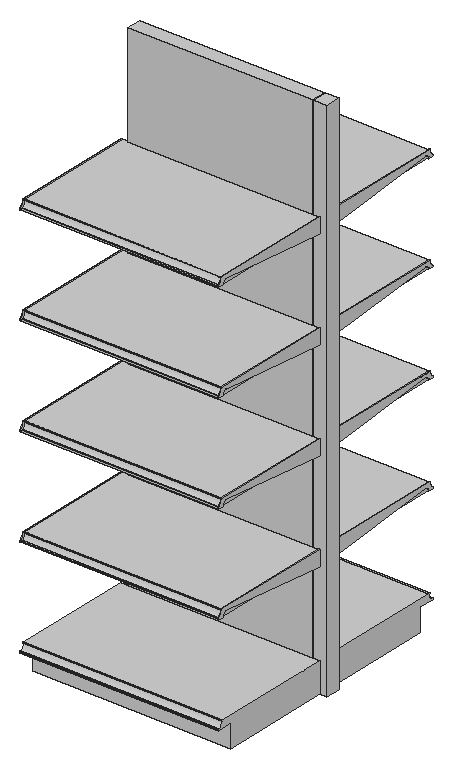
Revit family "TL2", category Specialty Equipment, Revit 2012
Parameters (values of type "Tube Line Add-On (Default)")
  Width = 3' - 0"
  URL = "http://www.madixinc.com/display/tubeline.html#"
  Model = "Tube Line"
  Manufacturer = "© 2012 Madix, Inc. All rights reserved."
  "Front" Base Shelf [instance] = yes
  "Front" Shelf 2' [instance] = yes
  "Front" Shelf 3' - 6" [instance] = yes
  "Front" Shelf 5' [instance] = yes
  "Front" Shelf 6' - 6" [instance] = yes
  "Back" Base Shelf [instance] = yes
  "Back" Shelf 2' [instance] = yes
  "Back" Shelf 3' - 6" [instance] = yes
  "Front" Shelf Depth = 1' - 10"
  "Back" Shelf 5' [instance] = yes
  "Back" Shelf Depth = 1' - 10"
  Upright Height = 8' - 0"
  "Back" Shelf 6' - 6" [instance] = yes
Reference planes (in)
  plane 1 "Center (Front/Back)": y = 0
  plane 2: z = 0
  plane 3 "Center (Left/Right)": x = 0
  plane 4: y = 1.375
  plane 5: y = -1.375
  plane 6: z = 96
  plane 7: z = 0
  plane 8 "1st shelf": z = 23.5
  plane 9 "2nd shelf": z = 41.5
  plane 10 "3rd shelf": z = 59.5
  plane 11 "4th shelf": z = 77.5
  plane 12: y = -24.25
  plane 13: x = -18
  plane 14: x = 18
  plane 15: x = -17.875
  plane 16: x = 17.875
  plane 17: z = 41.5
  plane 18: y = 24.25
  plane 19: y = 23.375
  plane 20: y = -23.375
Forms (in)
  Extrusion 1, solid, material "Metal - Steel"
    sketch origin (-24, 1.375, 0) x (1, 0, 0) y (0, 0, 1)
      loop
        line (42, 0) -> (43.25, 0) -> (43.25, 96) -> (40.75, 96) -> (40.75, 0.03125) -> (40.71924, 0.03125) -> (40.71924, 96) -> (7.25, 96) -> (7.25, 0) -> (42, 0)
    from 0 to 2.75
  Extrusion 2, solid, material "Metal - Steel", visible <- ""Front" Base Shelf"
    sketch origin (0, 0, 0) x (0, 1, 0) y (0, 0, 1)
      loop
        line (-1.375, 0) -> (-1.375, 5.5) -> (-23.375, 5.5) -> (-23.50139, 5.5) -> (-23.50139, 5.375) -> (-23.375, 5.375)
        arc (-23.375, 5.375) -> (-23.63696, 4.73714) -> (-24.125, 4.25) r 1.75
        line (-24.125, 4.25) -> (-24.125, 4.375) -> (-24.25, 4.375) -> (-24.25, 4.25) -> (-24.25, 4.125) -> (-21.375, 4.125) -> (-21.375, 0) -> (-1.375, 0)
    from -18 to 18
  Extrusion 3, solid, material "Metal - Steel", visible <- ""Front" Shelf 2'"
    sketch origin (0, 0, 0) x (0, 1, 0) y (0, 0, 1)
      loop
        line (-1.375, 23.5) -> (-23.5, 23.5) -> (-23.625, 23.5)
        arc (-23.625, 23.5) -> (-23.83033, 22.87796) -> (-24.25, 22.375) r 1.75
        line (-24.25, 22.375) -> (-24.25, 22.125) -> (-23.375, 22.125) -> (-23.375, 22.375) -> (-22.625, 23) -> (-22.375, 23) -> (-22.375, 22.875) -> (-1.375, 20.75) -> (-1.375, 23.5)
      loop
        circle (-20.375, 23) r 0.125
      loop
        circle (-2.5, 23) r 0.125
    from -18 to -17.875
  Extrusion 4, solid, material "Metal - Steel", visible <- ""Front" Shelf 2'"
    sketch origin (0, 0, 0) x (0, 1, 0) y (0, 0, 1)
      loop
        line (-23.5, 23.5) -> (-23.5, 23.375) -> (-23.375, 23.375)
        arc (-23.375, 23.375) -> (-23.58033, 22.75296) -> (-24, 22.25) r 1.75
        line (-24, 22.25) -> (-24, 22.375) -> (-24.125, 22.375) -> (-24.125, 22.125) -> (-23.375, 22.125) -> (-1.375, 22.125) -> (-1.375, 23.5) -> (-23.5, 23.5)
    from -17.875 to 17.875
  Extrusion 5, solid, material "Metal - Steel", visible <- ""Front" Shelf 2'"
    sketch origin (0, 0, 0) x (0, 1, 0) y (0, 0, -1)
      loop
        line (-1.375, -23.5) -> (-1.375, -20.75) -> (-22.375, -22.875) -> (-22.375, -23) -> (-22.625, -23) -> (-23.375, -22.375) -> (-23.375, -22.125) -> (-24.25, -22.125) -> (-24.25, -22.375)
        arc (-24.25, -22.375) -> (-23.83033, -22.87796) -> (-23.625, -23.5) r 1.75
        line (-23.625, -23.5) -> (-23.5, -23.5) -> (-1.375, -23.5)
      loop
        circle (-20.375, -23) r 0.125
      loop
        circle (-2.5, -23) r 0.125
    from -18 to -17.875
  Extrusion 6, solid, material "Metal - Steel", visible <- ""Front" Shelf 3' - 6""
    sketch origin (0, 0, 18) x (0, 1, 0) y (0, 0, 1)
      loop
        line (-1.375, 23.5) -> (-23.5, 23.5) -> (-23.625, 23.5)
        arc (-23.625, 23.5) -> (-23.83033, 22.87796) -> (-24.25, 22.375) r 1.75
        line (-24.25, 22.375) -> (-24.25, 22.125) -> (-23.375, 22.125) -> (-23.375, 22.375) -> (-22.625, 23) -> (-22.375, 23) -> (-22.375, 22.875) -> (-1.375, 20.75) -> (-1.375, 23.5)
      loop
        circle (-20.375, 23) r 0.125
      loop
        circle (-2.5, 23) r 0.125
    from -18 to -17.875
  Extrusion 7, solid, material "Metal - Steel", visible <- ""Front" Shelf 3' - 6""
    sketch origin (0, 0, 18) x (0, 1, 0) y (0, 0, 1)
      loop
        line (-23.5, 23.5) -> (-23.5, 23.375) -> (-23.375, 23.375)
        arc (-23.375, 23.375) -> (-23.58033, 22.75296) -> (-24, 22.25) r 1.75
        line (-24, 22.25) -> (-24, 22.375) -> (-24.25, 22.375) -> (-24.25, 22.125) -> (-23.375, 22.125) -> (-1.375, 22.125) -> (-1.375, 23.5) -> (-23.5, 23.5)
    from -17.875 to 17.875
  Extrusion 8, solid, material "Metal - Steel", visible <- ""Front" Shelf 3' - 6""
    sketch origin (0, 0, 18) x (0, 1, 0) y (0, 0, -1)
      loop
        line (-1.375, -23.5) -> (-1.375, -20.75) -> (-22.375, -22.875) -> (-22.375, -23) -> (-22.625, -23) -> (-23.375, -22.375) -> (-23.375, -22.125) -> (-24.25, -22.125) -> (-24.25, -22.375)
        arc (-24.25, -22.375) -> (-23.83033, -22.87796) -> (-23.625, -23.5) r 1.75
        line (-23.625, -23.5) -> (-23.5, -23.5) -> (-1.375, -23.5)
      loop
        circle (-20.375, -23) r 0.125
      loop
        circle (-2.5, -23) r 0.125
    from -18 to -17.875
  Extrusion 9, solid, material "Metal - Steel", visible <- ""Front" Shelf 5'"
    sketch origin (0, 0, 36) x (0, 1, 0) y (0, 0, 1)
      loop
        line (-1.375, 23.5) -> (-23.5, 23.5) -> (-23.625, 23.5)
        arc (-23.625, 23.5) -> (-23.83033, 22.87796) -> (-24.25, 22.375) r 1.75
        line (-24.25, 22.375) -> (-24.25, 22.125) -> (-23.375, 22.125) -> (-23.375, 22.375) -> (-22.625, 23) -> (-22.375, 23) -> (-22.375, 22.875) -> (-1.375, 20.75) -> (-1.375, 23.5)
      loop
        circle (-20.375, 23) r 0.125
      loop
        circle (-2.5, 23) r 0.125
    from -18 to -17.875
  Extrusion 10, solid, material "Metal - Steel", visible <- ""Front" Shelf 5'"
    sketch origin (0, 0, 36) x (0, 1, 0) y (0, 0, 1)
      loop
        line (-23.5, 23.5) -> (-23.5, 23.375) -> (-23.375, 23.375)
        arc (-23.375, 23.375) -> (-23.58033, 22.75296) -> (-24, 22.25) r 1.75
        line (-24, 22.25) -> (-24, 22.375) -> (-24.25, 22.375) -> (-24.25, 22.125) -> (-23.375, 22.125) -> (-1.375, 22.125) -> (-1.375, 23.5) -> (-23.5, 23.5)
    from -17.875 to 17.875
  Extrusion 11, solid, material "Metal - Steel", visible <- ""Front" Shelf 5'"
    sketch origin (0, 0, 36) x (0, 1, 0) y (0, 0, -1)
      loop
        line (-1.375, -23.5) -> (-1.375, -20.75) -> (-22.375, -22.875) -> (-22.375, -23) -> (-22.625, -23) -> (-23.375, -22.375) -> (-23.375, -22.125) -> (-24.25, -22.125) -> (-24.25, -22.375)
        arc (-24.25, -22.375) -> (-23.83033, -22.87796) -> (-23.625, -23.5) r 1.75
        line (-23.625, -23.5) -> (-23.5, -23.5) -> (-1.375, -23.5)
      loop
        circle (-20.375, -23) r 0.125
      loop
        circle (-2.5, -23) r 0.125
    from -18 to -17.875
  Extrusion 12, solid, material "Metal - Steel", visible <- ""Front" Shelf 6' - 6""
    sketch origin (0, 0, 54) x (0, 1, 0) y (0, 0, 1)
      loop
        line (-1.375, 23.5) -> (-23.5, 23.5) -> (-23.625, 23.5)
        arc (-23.625, 23.5) -> (-23.83033, 22.87796) -> (-24.25, 22.375) r 1.75
        line (-24.25, 22.375) -> (-24.25, 22.125) -> (-23.375, 22.125) -> (-23.375, 22.375) -> (-22.625, 23) -> (-22.375, 23) -> (-22.375, 22.875) -> (-1.375, 20.75) -> (-1.375, 23.5)
      loop
        circle (-20.375, 23) r 0.125
      loop
        circle (-2.5, 23) r 0.125
    from -18 to -17.875
  Extrusion 13, solid, material "Metal - Steel", visible <- ""Front" Shelf 6' - 6""
    sketch origin (0, 0, 54) x (0, 1, 0) y (0, 0, 1)
      loop
        line (-23.5, 23.5) -> (-23.5, 23.375) -> (-23.375, 23.375)
        arc (-23.375, 23.375) -> (-23.58033, 22.75296) -> (-24, 22.25) r 1.75
        line (-24, 22.25) -> (-24, 22.375) -> (-24.25, 22.375) -> (-24.25, 22.125) -> (-23.375, 22.125) -> (-1.375, 22.125) -> (-1.375, 23.5) -> (-23.5, 23.5)
    from -17.875 to 17.875
  Extrusion 14, solid, material "Metal - Steel", visible <- ""Front" Shelf 6' - 6""
    sketch origin (0, 0, 54) x (0, 1, 0) y (0, 0, -1)
      loop
        line (-1.375, -23.5) -> (-1.375, -20.75) -> (-22.375, -22.875) -> (-22.375, -23) -> (-22.625, -23) -> (-23.375, -22.375) -> (-23.375, -22.125) -> (-24.25, -22.125) -> (-24.25, -22.375)
        arc (-24.25, -22.375) -> (-23.83033, -22.87796) -> (-23.625, -23.5) r 1.75
        line (-23.625, -23.5) -> (-23.5, -23.5) -> (-1.375, -23.5)
      loop
        circle (-20.375, -23) r 0.125
      loop
        circle (-2.5, -23) r 0.125
    from -18 to -17.875
  Extrusion 15, solid, material "Metal - Steel", visible <- ""Back" Base Shelf"
    sketch origin (0, 0, 0) x (0, -1, 0) y (0, 0, -1)
      loop
        line (-1.375, 0) -> (-21.375, 0) -> (-21.375, -4.125) -> (-24.25, -4.125) -> (-24.25, -4.25) -> (-24.25, -4.375) -> (-24.125, -4.375) -> (-24.125, -4.25)
        arc (-24.125, -4.25) -> (-23.63696, -4.73714) -> (-23.375, -5.375) r 1.75
        line (-23.375, -5.375) -> (-23.50139, -5.375) -> (-23.50139, -5.5) -> (-23.375, -5.5) -> (-1.375, -5.5) -> (-1.375, 0)
    from -18 to 18
  Extrusion 16, solid, material "Metal - Steel", visible <- ""Back" Shelf 2'"
    sketch origin (0, 0, 0) x (0, -1, 0) y (0, 0, -1)
      loop
        line (-1.375, -23.5) -> (-1.375, -20.75) -> (-22.375, -22.875) -> (-22.375, -23) -> (-22.625, -23) -> (-23.375, -22.375) -> (-23.375, -22.125) -> (-24.25, -22.125) -> (-24.25, -22.375)
        arc (-24.25, -22.375) -> (-23.83033, -22.87796) -> (-23.625, -23.5) r 1.75
        line (-23.625, -23.5) -> (-23.5, -23.5) -> (-1.375, -23.5)
      loop
        circle (-20.375, -23) r 0.125
      loop
        circle (-2.5, -23) r 0.125
    from -18 to -17.875
  Extrusion 17, solid, material "Metal - Steel", visible <- ""Back" Shelf 2'"
    sketch origin (0, 0, 0) x (0, -1, 0) y (0, 0, -1)
      loop
        line (-23.5, -23.5) -> (-1.375, -23.5) -> (-1.375, -22.125) -> (-23.375, -22.125) -> (-24.125, -22.125) -> (-24.125, -22.375) -> (-24, -22.375) -> (-24, -22.25)
        arc (-24, -22.25) -> (-23.58033, -22.75296) -> (-23.375, -23.375) r 1.75
        line (-23.375, -23.375) -> (-23.5, -23.375) -> (-23.5, -23.5)
    from -17.875 to 17.875
  Extrusion 18, solid, material "Metal - Steel", visible <- ""Back" Shelf 2'"
    sketch origin (0, 0, 0) x (0, -1, 0) y (0, 0, 1)
      loop
        line (-1.375, 23.5) -> (-23.5, 23.5) -> (-23.625, 23.5)
        arc (-23.625, 23.5) -> (-23.83033, 22.87796) -> (-24.25, 22.375) r 1.75
        line (-24.25, 22.375) -> (-24.25, 22.125) -> (-23.375, 22.125) -> (-23.375, 22.375) -> (-22.625, 23) -> (-22.375, 23) -> (-22.375, 22.875) -> (-1.375, 20.75) -> (-1.375, 23.5)
      loop
        circle (-20.375, 23) r 0.125
      loop
        circle (-2.5, 23) r 0.125
    from -18 to -17.875
  Extrusion 19, solid, material "Metal - Steel", visible <- ""Back" Shelf 3' - 6""
    sketch origin (0, 0, 18) x (0, -1, 0) y (0, 0, -1)
      loop
        line (-1.375, -23.5) -> (-1.375, -20.75) -> (-22.375, -22.875) -> (-22.375, -23) -> (-22.625, -23) -> (-23.375, -22.375) -> (-23.375, -22.125) -> (-24.25, -22.125) -> (-24.25, -22.375)
        arc (-24.25, -22.375) -> (-23.83033, -22.87796) -> (-23.625, -23.5) r 1.75
        line (-23.625, -23.5) -> (-23.5, -23.5) -> (-1.375, -23.5)
      loop
        circle (-20.375, -23) r 0.125
      loop
        circle (-2.5, -23) r 0.125
    from -18 to -17.875
  Extrusion 20, solid, material "Metal - Steel", visible <- ""Back" Shelf 3' - 6""
    sketch origin (0, 0, 18) x (0, -1, 0) y (0, 0, -1)
      loop
        line (-23.5, -23.5) -> (-1.375, -23.5) -> (-1.375, -22.125) -> (-23.375, -22.125) -> (-24.25, -22.125) -> (-24.25, -22.375) -> (-24, -22.375) -> (-24, -22.25)
        arc (-24, -22.25) -> (-23.58033, -22.75296) -> (-23.375, -23.375) r 1.75
        line (-23.375, -23.375) -> (-23.5, -23.375) -> (-23.5, -23.5)
    from -17.875 to 17.875
  Extrusion 21, solid, material "Metal - Steel", visible <- ""Back" Shelf 3' - 6""
    sketch origin (0, 0, 18) x (0, -1, 0) y (0, 0, 1)
      loop
        line (-1.375, 23.5) -> (-23.5, 23.5) -> (-23.625, 23.5)
        arc (-23.625, 23.5) -> (-23.83033, 22.87796) -> (-24.25, 22.375) r 1.75
        line (-24.25, 22.375) -> (-24.25, 22.125) -> (-23.375, 22.125) -> (-23.375, 22.375) -> (-22.625, 23) -> (-22.375, 23) -> (-22.375, 22.875) -> (-1.375, 20.75) -> (-1.375, 23.5)
      loop
        circle (-20.375, 23) r 0.125
      loop
        circle (-2.5, 23) r 0.125
    from -18 to -17.875
  Extrusion 22, solid, material "Metal - Steel", visible <- ""Back" Shelf 5'"
    sketch origin (0, 0, 36) x (0, -1, 0) y (0, 0, -1)
      loop
        line (-1.375, -23.5) -> (-1.375, -20.75) -> (-22.375, -22.875) -> (-22.375, -23) -> (-22.625, -23) -> (-23.375, -22.375) -> (-23.375, -22.125) -> (-24.25, -22.125) -> (-24.25, -22.375)
        arc (-24.25, -22.375) -> (-23.83033, -22.87796) -> (-23.625, -23.5) r 1.75
        line (-23.625, -23.5) -> (-23.5, -23.5) -> (-1.375, -23.5)
      loop
        circle (-20.375, -23) r 0.125
      loop
        circle (-2.5, -23) r 0.125
    from -18 to -17.875
  Extrusion 23, solid, material "Metal - Steel", visible <- ""Back" Shelf 5'"
    sketch origin (0, 0, 36) x (0, -1, 0) y (0, 0, -1)
      loop
        line (-23.5, -23.5) -> (-1.375, -23.5) -> (-1.375, -22.125) -> (-23.375, -22.125) -> (-24.25, -22.125) -> (-24.25, -22.375) -> (-24, -22.375) -> (-24, -22.25)
        arc (-24, -22.25) -> (-23.58033, -22.75296) -> (-23.375, -23.375) r 1.75
        line (-23.375, -23.375) -> (-23.5, -23.375) -> (-23.5, -23.5)
    from -17.875 to 17.875
  Extrusion 24, solid, material "Metal - Steel", visible <- ""Back" Shelf 5'"
    sketch origin (0, 0, 36) x (0, -1, 0) y (0, 0, 1)
      loop
        line (-1.375, 23.5) -> (-23.5, 23.5) -> (-23.625, 23.5)
        arc (-23.625, 23.5) -> (-23.83033, 22.87796) -> (-24.25, 22.375) r 1.75
        line (-24.25, 22.375) -> (-24.25, 22.125) -> (-23.375, 22.125) -> (-23.375, 22.375) -> (-22.625, 23) -> (-22.375, 23) -> (-22.375, 22.875) -> (-1.375, 20.75) -> (-1.375, 23.5)
      loop
        circle (-20.375, 23) r 0.125
      loop
        circle (-2.5, 23) r 0.125
    from -18 to -17.875
  Extrusion 25, solid, material "Metal - Steel", visible <- ""Back" Shelf 6' - 6""
    sketch origin (0, 0, 54) x (0, -1, 0) y (0, 0, -1)
      loop
        line (-1.375, -23.5) -> (-1.375, -20.75) -> (-22.375, -22.875) -> (-22.375, -23) -> (-22.625, -23) -> (-23.375, -22.375) -> (-23.375, -22.125) -> (-24.25, -22.125) -> (-24.25, -22.375)
        arc (-24.25, -22.375) -> (-23.83033, -22.87796) -> (-23.625, -23.5) r 1.75
        line (-23.625, -23.5) -> (-23.5, -23.5) -> (-1.375, -23.5)
      loop
        circle (-20.375, -23) r 0.125
      loop
        circle (-2.5, -23) r 0.125
    from -18 to -17.875
  Extrusion 26, solid, material "Metal - Steel", visible <- ""Back" Shelf 6' - 6""
    sketch origin (0, 0, 54) x (0, -1, 0) y (0, 0, -1)
      loop
        line (-23.5, -23.5) -> (-1.375, -23.5) -> (-1.375, -22.125) -> (-23.375, -22.125) -> (-24.25, -22.125) -> (-24.25, -22.375) -> (-24, -22.375) -> (-24, -22.25)
        arc (-24, -22.25) -> (-23.58033, -22.75296) -> (-23.375, -23.375) r 1.75
        line (-23.375, -23.375) -> (-23.5, -23.375) -> (-23.5, -23.5)
    from -17.875 to 17.875
  Extrusion 27, solid, material "Metal - Steel", visible <- ""Back" Shelf 6' - 6""
    sketch origin (0, 0, 54) x (0, -1, 0) y (0, 0, 1)
      loop
        line (-1.375, 23.5) -> (-23.5, 23.5) -> (-23.625, 23.5)
        arc (-23.625, 23.5) -> (-23.83033, 22.87796) -> (-24.25, 22.375) r 1.75
        line (-24.25, 22.375) -> (-24.25, 22.125) -> (-23.375, 22.125) -> (-23.375, 22.375) -> (-22.625, 23) -> (-22.375, 23) -> (-22.375, 22.875) -> (-1.375, 20.75) -> (-1.375, 23.5)
      loop
        circle (-20.375, 23) r 0.125
      loop
        circle (-2.5, 23) r 0.125
    from -18 to -17.875
Lines and regions (in)
  Split face 1
    outline origin (-24, -1.375, 0) x (1, 0, 0) y (0, 0, 1)
      loop
        line (40.71924, 96) -> (40.71924, 0.03125) -> (7.25, 0.03125) -> (7.25, 96)
  Split face 2
    outline origin (-24, 1.375, 0) x (1, 0, 0) y (0, 0, 1)
      loop
        line (40.71924, 96) -> (40.71924, 0.03125) -> (7.25, 0.03125) -> (7.25, 96)
  reference lines
    curve 1: line (-16.75, 0, 23.5) -> (16.71875, 0, 23.5)
    curve 2: line (-16.75, 0, 59.5) -> (16.71875, 0, 59.5)
    curve 3: line (16.71875, 0, 77.5) -> (-16.71875, 0, 77.5)
Dimensions and locks (in)
  "Upright Height": plane 6 to level
  ""Front" Shelf Depth": plane 20 to plane 5
  equal spacing: plane 13, plane 3 "Center (Left/Right)", plane 14
  "Width": plane 13 to plane 14
  locked: plane 13 to plane 15 at 0.125
  locked: plane 16 to plane 14 at 0.125
  ""Back" Shelf Depth": plane 4 to plane 19
  locked: plane 19 to plane 18 at 0.875
  locked: plane 20 to plane 12 at 0.875
  aligned and locked: level to plane 2
  aligned and locked: plane 12 to Extrusion 2
  aligned and locked: Extrusion 2 to plane 5
  aligned and locked: plane 13 to Extrusion 2
  aligned and locked: plane 14 to Extrusion 2
  aligned and locked: Extrusion 4 to Extrusion 5
  aligned and locked: Extrusion 3 to Extrusion 2
  aligned and locked: Extrusion 3 to plane 15
  aligned and locked: Extrusion 4 to Extrusion 3
  aligned and locked: Extrusion 5 to Extrusion 2
  aligned and locked: plane 16 to Extrusion 5
  aligned and locked: Extrusion 7 to Extrusion 8
  aligned and locked: Extrusion 7 to Extrusion 6
  aligned and locked: Extrusion 6 to Extrusion 3
  aligned and locked: Extrusion 8 to Extrusion 4
  aligned and locked: Extrusion 8 to Extrusion 2
  aligned and locked: Extrusion 2 to Extrusion 7
  aligned and locked: Extrusion 6 to plane 15
  aligned and locked: Extrusion 6 to Extrusion 2
  aligned and locked: Extrusion 10 to Extrusion 11
  aligned and locked: Extrusion 10 to Extrusion 9
  aligned and locked: Extrusion 9 to Extrusion 3
  aligned and locked: Extrusion 2 to Extrusion 10
  aligned and locked: Extrusion 11 to Extrusion 2
  aligned and locked: Extrusion 11 to Extrusion 4
  aligned and locked: Extrusion 9 to Extrusion 2
  aligned and locked: Extrusion 13 to Extrusion 14
  aligned and locked: Extrusion 13 to Extrusion 12
  aligned and locked: Extrusion 12 to Extrusion 2
  aligned and locked: Extrusion 12 to Extrusion 3
  aligned and locked: Extrusion 2 to Extrusion 13
  aligned and locked: Extrusion 14 to Extrusion 2
  aligned and locked: Extrusion 14 to Extrusion 4
  aligned and locked: Extrusion 15 to Extrusion 2
  aligned and locked: Extrusion 2 to Extrusion 15
  aligned and locked: plane 13 to Extrusion 15
  aligned and locked: Extrusion 18 to Extrusion 17
  aligned and locked: Extrusion 16 to Extrusion 17
  aligned and locked: Extrusion 15 to plane 18
  aligned and locked: plane 15 to Extrusion 16
  aligned and locked: Extrusion 18 to Extrusion 4
  aligned and locked: Extrusion 16 to Extrusion 2
  aligned and locked: Extrusion 21 to Extrusion 20
  aligned and locked: Extrusion 19 to Extrusion 20
  aligned and locked: Extrusion 15 to Extrusion 20
  aligned and locked: plane 15 to Extrusion 19
  aligned and locked: plane 13 to Extrusion 19
  aligned and locked: Extrusion 21 to plane 14
  aligned and locked: Extrusion 21 to plane 16
  aligned and locked: Extrusion 24 to Extrusion 23
  aligned and locked: Extrusion 22 to Extrusion 23
  aligned and locked: Extrusion 15 to Extrusion 23
  aligned and locked: Extrusion 24 to plane 16
  aligned and locked: Extrusion 24 to plane 14
  aligned and locked: plane 15 to Extrusion 22
  aligned and locked: plane 13 to Extrusion 22
  aligned and locked: Extrusion 27 to Extrusion 26
  aligned and locked: Extrusion 25 to Extrusion 26
  aligned and locked: Extrusion 15 to Extrusion 26
  aligned and locked: plane 13 to Extrusion 25
  aligned and locked: plane 15 to Extrusion 25
  aligned and locked: Extrusion 27 to plane 14
  aligned and locked: Extrusion 27 to plane 16
  aligned and locked: plane 19 to Extrusion 15
  aligned and locked: plane 20 to Extrusion 2
Automatic sketch dimensions
  curve 2 to plane 10 "3rd shelf" = 0' - 0"
  curve 1 to plane 8 "1st shelf" = 0' - 0"
  curve 3 to plane 11 "4th shelf" = 0' - 0"
  plane 15 to curve 2 = 0' - 1 1/8"
  plane 15 to curve 1 = 0' - 1 1/8"
  plane 15 to curve 3 = 0' - 1 5/32"
  plane 16 to curve 3 = 0' - 1 5/32"
  plane 16 to curve 2 = 0' - 1 5/32"
  plane 16 to curve 1 = 0' - 1 5/32"
  Extrusion 2 sketch curve to plane 12 = 0' - 0"
  Extrusion 2 sketch curve to level = 0' - 0"
  Extrusion 2 sketch curve to plane 5 = 0' - 0"
  Extrusion 2 sketch curve to plane 12 = 0' - 0.84305"
  plane 12 to Extrusion 2 sketch curve = 0' - 0 1/8"
  plane 12 to Extrusion 2 sketch curve = 0' - 0.74861"
  Extrusion 2 sketch curve to Extrusion 2 sketch curve = 0' - 0.12639"
  Extrusion 2 sketch curve to Extrusion 2 sketch curve = 0' - 0"
  plane 12 to Extrusion 2 sketch curve = 0' - 2 7/8"
  level to Extrusion 2 sketch curve = 0' - 4 1/8"
  Extrusion 2 sketch curve to Extrusion 2 sketch curve = 0' - 0 1/8"  (x4)
  Extrusion 2 sketch curve to Extrusion 2 sketch curve = 0' - 1"
  Extrusion 3 sketch curve to plane 12 = 0' - 0"
  Extrusion 3 sketch curve to plane 8 "1st shelf" = 0' - 0"
  Extrusion 3 sketch curve to plane 5 = 0' - 0"
  plane 8 "1st shelf" to Extrusion 3 sketch curve = 0' - 0.22784"
  Extrusion 3 sketch curve to plane 12 = 0' - 1.11011"
  plane 12 to Extrusion 3 sketch curve = 0' - 0 5/8"
  Extrusion 3 sketch curve to Extrusion 3 sketch curve = 0' - 0 1/8"  (x2)
  plane 12 to Extrusion 3 sketch curve = 0' - 0 7/8"
  Extrusion 3 sketch curve to Extrusion 3 sketch curve = 0' - 0 3/4"
  Extrusion 3 sketch curve to Extrusion 3 sketch curve = 0' - 0 1/4"  (x2)
  Extrusion 3 sketch curve to plane 8 "1st shelf" = 0' - 0 1/2"  (x2)
  Extrusion 3 sketch curve to Extrusion 3 sketch curve = 0' - 2"
  plane 5 to Extrusion 3 sketch curve = 0' - 1 1/8"
  Extrusion 3 sketch curve to Extrusion 3 sketch curve = 0' - 0"
  Extrusion 3 sketch curve to Extrusion 3 sketch curve = 0' - 2 1/4"
  Extrusion 3 sketch curve to plane 8 "1st shelf" = 0' - 0 5/8"
  Extrusion 4 sketch curve to plane 8 "1st shelf" = 0' - 0"
  Extrusion 4 sketch curve to plane 5 = 0' - 0"
  plane 12 to Extrusion 4 sketch curve = 0' - 0 7/8"  (x2)
  Extrusion 4 sketch curve to plane 8 "1st shelf" = 0' - 0 1/8"
  Extrusion 4 sketch curve to Extrusion 4 sketch curve = 0' - 0 1/8"  (x3)
  plane 12 to Extrusion 4 sketch curve = 0' - 0 1/4"
  plane 12 to Extrusion 4 sketch curve = 0' - 0 1/8"
  plane 8 "1st shelf" to Extrusion 4 sketch curve = 0' - 0.10284"
  Extrusion 4 sketch curve to plane 12 = 0' - 0.86011"
  Extrusion 5 sketch curve to plane 12 = 0' - 0"
  Extrusion 5 sketch curve to plane 8 "1st shelf" = 0' - 0"
  Extrusion 5 sketch curve to plane 5 = 0' - 0"
  plane 8 "1st shelf" to Extrusion 5 sketch curve = 0' - 0.22784"
  Extrusion 5 sketch curve to plane 12 = 0' - 1.11011"
  plane 12 to Extrusion 5 sketch curve = 0' - 0 5/8"
  Extrusion 5 sketch curve to Extrusion 5 sketch curve = 0' - 0 1/8"  (x2)
  plane 12 to Extrusion 5 sketch curve = 0' - 0 7/8"
  Extrusion 5 sketch curve to Extrusion 5 sketch curve = 0' - 0 3/4"
  Extrusion 5 sketch curve to Extrusion 5 sketch curve = 0' - 0 1/4"  (x2)
  Extrusion 5 sketch curve to plane 8 "1st shelf" = 0' - 0 1/2"  (x3)
  Extrusion 5 sketch curve to Extrusion 5 sketch curve = 0' - 2"
  plane 5 to Extrusion 5 sketch curve = 0' - 1 1/8"
  Extrusion 5 sketch curve to Extrusion 5 sketch curve = 0' - 0"
  Extrusion 5 sketch curve to Extrusion 5 sketch curve = 0' - 2 1/4"
  Extrusion 6 sketch curve to plane 12 = 0' - 0"
  Extrusion 6 sketch curve to plane 9 "2nd shelf" = 0' - 0"
  Extrusion 6 sketch curve to plane 5 = 0' - 0"
  plane 9 "2nd shelf" to Extrusion 6 sketch curve = 0' - 0.22784"
  Extrusion 6 sketch curve to plane 12 = 0' - 1.11011"
  plane 12 to Extrusion 6 sketch curve = 0' - 0 5/8"
  Extrusion 6 sketch curve to Extrusion 6 sketch curve = 0' - 0 1/8"  (x2)
  plane 12 to Extrusion 6 sketch curve = 0' - 0 7/8"
  Extrusion 6 sketch curve to Extrusion 6 sketch curve = 0' - 0 3/4"
  Extrusion 6 sketch curve to Extrusion 6 sketch curve = 0' - 0 1/4"  (x2)
  Extrusion 6 sketch curve to plane 9 "2nd shelf" = 0' - 0 1/2"  (x2)
  Extrusion 6 sketch curve to Extrusion 6 sketch curve = 0' - 2"
  plane 5 to Extrusion 6 sketch curve = 0' - 1 1/8"
  Extrusion 6 sketch curve to Extrusion 6 sketch curve = 0' - 0"
  Extrusion 6 sketch curve to Extrusion 6 sketch curve = 0' - 2 1/4"
  Extrusion 6 sketch curve to plane 9 "2nd shelf" = 0' - 0 5/8"
  Extrusion 7 sketch curve to plane 12 = 0' - 0"
  Extrusion 7 sketch curve to plane 9 "2nd shelf" = 0' - 0"
  Extrusion 7 sketch curve to plane 5 = 0' - 0"
  plane 9 "2nd shelf" to Extrusion 7 sketch curve = 0' - 0.10284"
  Extrusion 7 sketch curve to plane 12 = 0' - 0.86011"
  plane 12 to Extrusion 7 sketch curve = 0' - 0 1/4"
  plane 12 to Extrusion 7 sketch curve = 0' - 0 3/4"
  Extrusion 7 sketch curve to Extrusion 7 sketch curve = 0' - 0 5/8"
  Extrusion 7 sketch curve to Extrusion 7 sketch curve = 0' - 0 1/8"  (x2)
  Extrusion 7 sketch curve to plane 9 "2nd shelf" = 0' - 0 1/8"
  Extrusion 7 sketch curve to Extrusion 7 sketch curve = 0' - 0 1/4"
  Extrusion 8 sketch curve to plane 12 = 0' - 0"
  Extrusion 8 sketch curve to plane 9 "2nd shelf" = 0' - 0"
  Extrusion 8 sketch curve to plane 5 = 0' - 0"
  plane 9 "2nd shelf" to Extrusion 8 sketch curve = 0' - 0.22784"
  Extrusion 8 sketch curve to plane 12 = 0' - 1.11011"
  plane 12 to Extrusion 8 sketch curve = 0' - 0 5/8"
  Extrusion 8 sketch curve to Extrusion 8 sketch curve = 0' - 0 1/8"  (x2)
  plane 12 to Extrusion 8 sketch curve = 0' - 0 7/8"
  Extrusion 8 sketch curve to Extrusion 8 sketch curve = 0' - 0 3/4"
  Extrusion 8 sketch curve to Extrusion 8 sketch curve = 0' - 0 1/4"  (x2)
  Extrusion 8 sketch curve to plane 9 "2nd shelf" = 0' - 0 1/2"  (x3)
  Extrusion 8 sketch curve to Extrusion 8 sketch curve = 0' - 2"
  plane 5 to Extrusion 8 sketch curve = 0' - 1 1/8"
  Extrusion 8 sketch curve to Extrusion 8 sketch curve = 0' - 0"
  Extrusion 8 sketch curve to Extrusion 8 sketch curve = 0' - 2 1/4"
  Extrusion 9 sketch curve to plane 12 = 0' - 0"
  Extrusion 9 sketch curve to plane 10 "3rd shelf" = 0' - 0"
  Extrusion 9 sketch curve to plane 5 = 0' - 0"
  plane 10 "3rd shelf" to Extrusion 9 sketch curve = 0' - 0.22784"
  Extrusion 9 sketch curve to plane 12 = 0' - 1.11011"
  plane 12 to Extrusion 9 sketch curve = 0' - 0 5/8"
  Extrusion 9 sketch curve to Extrusion 9 sketch curve = 0' - 0 1/8"  (x2)
  plane 12 to Extrusion 9 sketch curve = 0' - 0 7/8"
  Extrusion 9 sketch curve to Extrusion 9 sketch curve = 0' - 0 3/4"
  Extrusion 9 sketch curve to Extrusion 9 sketch curve = 0' - 0 1/4"  (x2)
  Extrusion 9 sketch curve to plane 10 "3rd shelf" = 0' - 0 1/2"  (x2)
  Extrusion 9 sketch curve to Extrusion 9 sketch curve = 0' - 2"
  plane 5 to Extrusion 9 sketch curve = 0' - 1 1/8"
  Extrusion 9 sketch curve to Extrusion 9 sketch curve = 0' - 0"
  Extrusion 9 sketch curve to Extrusion 9 sketch curve = 0' - 2 1/4"
  Extrusion 9 sketch curve to plane 10 "3rd shelf" = 0' - 0 5/8"
  Extrusion 10 sketch curve to plane 12 = 0' - 0"
  Extrusion 10 sketch curve to plane 10 "3rd shelf" = 0' - 0"
  Extrusion 10 sketch curve to plane 5 = 0' - 0"
  plane 10 "3rd shelf" to Extrusion 10 sketch curve = 0' - 0.10284"
  Extrusion 10 sketch curve to plane 12 = 0' - 0.86011"
  plane 12 to Extrusion 10 sketch curve = 0' - 0 1/4"
  plane 12 to Extrusion 10 sketch curve = 0' - 0 3/4"
  Extrusion 10 sketch curve to Extrusion 10 sketch curve = 0' - 0 5/8"
  Extrusion 10 sketch curve to Extrusion 10 sketch curve = 0' - 0 1/8"  (x2)
  Extrusion 10 sketch curve to plane 10 "3rd shelf" = 0' - 0 1/8"
  Extrusion 10 sketch curve to Extrusion 10 sketch curve = 0' - 0 1/4"
  Extrusion 11 sketch curve to plane 12 = 0' - 0"
  Extrusion 11 sketch curve to plane 10 "3rd shelf" = 0' - 0"
  Extrusion 11 sketch curve to plane 5 = 0' - 0"
  plane 10 "3rd shelf" to Extrusion 11 sketch curve = 0' - 0.22784"
  Extrusion 11 sketch curve to plane 12 = 0' - 1.11011"
  plane 12 to Extrusion 11 sketch curve = 0' - 0 5/8"
  Extrusion 11 sketch curve to Extrusion 11 sketch curve = 0' - 0 1/8"  (x2)
  plane 12 to Extrusion 11 sketch curve = 0' - 0 7/8"
  Extrusion 11 sketch curve to Extrusion 11 sketch curve = 0' - 0 3/4"
  Extrusion 11 sketch curve to Extrusion 11 sketch curve = 0' - 0 1/4"  (x2)
  Extrusion 11 sketch curve to plane 10 "3rd shelf" = 0' - 0 1/2"  (x3)
  Extrusion 11 sketch curve to Extrusion 11 sketch curve = 0' - 2"
  plane 5 to Extrusion 11 sketch curve = 0' - 1 1/8"
  Extrusion 11 sketch curve to Extrusion 11 sketch curve = 0' - 0"
  Extrusion 11 sketch curve to Extrusion 11 sketch curve = 0' - 2 1/4"
  Extrusion 12 sketch curve to plane 12 = 0' - 0"
  Extrusion 12 sketch curve to plane 11 "4th shelf" = 0' - 0"
  Extrusion 12 sketch curve to plane 5 = 0' - 0"
  plane 11 "4th shelf" to Extrusion 12 sketch curve = 0' - 0.22784"
  Extrusion 12 sketch curve to plane 12 = 0' - 1.11011"
  plane 12 to Extrusion 12 sketch curve = 0' - 0 5/8"
  Extrusion 12 sketch curve to Extrusion 12 sketch curve = 0' - 0 1/8"  (x2)
  plane 12 to Extrusion 12 sketch curve = 0' - 0 7/8"
  Extrusion 12 sketch curve to Extrusion 12 sketch curve = 0' - 0 3/4"
  Extrusion 12 sketch curve to Extrusion 12 sketch curve = 0' - 0 1/4"  (x2)
  Extrusion 12 sketch curve to plane 11 "4th shelf" = 0' - 0 1/2"  (x2)
  Extrusion 12 sketch curve to Extrusion 12 sketch curve = 0' - 2"
  plane 5 to Extrusion 12 sketch curve = 0' - 1 1/8"
  Extrusion 12 sketch curve to Extrusion 12 sketch curve = 0' - 0"
  Extrusion 12 sketch curve to Extrusion 12 sketch curve = 0' - 2 1/4"
  Extrusion 12 sketch curve to plane 11 "4th shelf" = 0' - 0 5/8"
  Extrusion 13 sketch curve to plane 12 = 0' - 0"
  Extrusion 13 sketch curve to plane 11 "4th shelf" = 0' - 0"
  Extrusion 13 sketch curve to plane 5 = 0' - 0"
  plane 11 "4th shelf" to Extrusion 13 sketch curve = 0' - 0.10284"
  Extrusion 13 sketch curve to plane 12 = 0' - 0.86011"
  plane 12 to Extrusion 13 sketch curve = 0' - 0 1/4"
  plane 12 to Extrusion 13 sketch curve = 0' - 0 3/4"
  Extrusion 13 sketch curve to Extrusion 13 sketch curve = 0' - 0 5/8"
  Extrusion 13 sketch curve to Extrusion 13 sketch curve = 0' - 0 1/8"  (x2)
  Extrusion 13 sketch curve to plane 11 "4th shelf" = 0' - 0 1/8"
  Extrusion 13 sketch curve to Extrusion 13 sketch curve = 0' - 0 1/4"
  Extrusion 14 sketch curve to plane 12 = 0' - 0"
  Extrusion 14 sketch curve to plane 11 "4th shelf" = 0' - 0"
  Extrusion 14 sketch curve to plane 5 = 0' - 0"
  plane 11 "4th shelf" to Extrusion 14 sketch curve = 0' - 0.22784"
  Extrusion 14 sketch curve to plane 12 = 0' - 1.11011"
  plane 12 to Extrusion 14 sketch curve = 0' - 0 5/8"
  Extrusion 14 sketch curve to Extrusion 14 sketch curve = 0' - 0 1/8"  (x2)
  plane 12 to Extrusion 14 sketch curve = 0' - 0 7/8"
  Extrusion 14 sketch curve to Extrusion 14 sketch curve = 0' - 0 3/4"
  Extrusion 14 sketch curve to Extrusion 14 sketch curve = 0' - 0 1/4"  (x2)
  Extrusion 14 sketch curve to plane 11 "4th shelf" = 0' - 0 1/2"  (x3)
  Extrusion 14 sketch curve to Extrusion 14 sketch curve = 0' - 2"
  plane 5 to Extrusion 14 sketch curve = 0' - 1 1/8"
  Extrusion 14 sketch curve to Extrusion 14 sketch curve = 0' - 0"
  Extrusion 14 sketch curve to Extrusion 14 sketch curve = 0' - 2 1/4"
  Extrusion 15 sketch curve to plane 18 = 0' - 0"
  Extrusion 15 sketch curve to level = 0' - 0"
  Extrusion 15 sketch curve to plane 4 = 0' - 0"
  plane 18 to Extrusion 15 sketch curve = 0' - 0.84305"
  Extrusion 15 sketch curve to plane 18 = 0' - 0 1/8"
  Extrusion 15 sketch curve to plane 18 = 0' - 0.74861"
  Extrusion 15 sketch curve to Extrusion 15 sketch curve = 0' - 0.12639"
  Extrusion 15 sketch curve to Extrusion 15 sketch curve = 0' - 0"  (x2)
  Extrusion 15 sketch curve to plane 18 = 0' - 2 7/8"
  Extrusion 15 sketch curve to level = 0' - 4 1/8"
  Extrusion 15 sketch curve to Extrusion 15 sketch curve = 0' - 0 1/8"  (x3)
  Extrusion 15 sketch curve to Extrusion 15 sketch curve = 0' - 1"
  Extrusion 16 sketch curve to plane 18 = 0' - 0"
  Extrusion 16 sketch curve to plane 8 "1st shelf" = 0' - 0"
  Extrusion 16 sketch curve to plane 4 = 0' - 0"
  Extrusion 16 sketch curve to plane 8 "1st shelf" = 0' - 0.22784"
  plane 18 to Extrusion 16 sketch curve = 0' - 1.11011"
  Extrusion 16 sketch curve to plane 18 = 0' - 0 5/8"
  Extrusion 16 sketch curve to Extrusion 16 sketch curve = 0' - 0 1/8"  (x2)
  Extrusion 16 sketch curve to Extrusion 16 sketch curve = 0' - 0 7/8"
  Extrusion 16 sketch curve to Extrusion 16 sketch curve = 0' - 0 3/4"
  Extrusion 16 sketch curve to Extrusion 16 sketch curve = 0' - 0 1/4"  (x2)
  plane 8 "1st shelf" to Extrusion 16 sketch curve = 0' - 0 1/2"  (x2)
  Extrusion 16 sketch curve to Extrusion 16 sketch curve = 0' - 2"
  Extrusion 16 sketch curve to plane 4 = 0' - 1 1/8"
  Extrusion 16 sketch curve to Extrusion 16 sketch curve = 0' - 0"
  Extrusion 16 sketch curve to Extrusion 16 sketch curve = 0' - 2 1/4"
  plane 8 "1st shelf" to Extrusion 16 sketch curve = 0' - 0 5/8"
  Extrusion 17 sketch curve to plane 8 "1st shelf" = 0' - 0"
  Extrusion 17 sketch curve to plane 4 = 0' - 0"
  Extrusion 17 sketch curve to plane 18 = 0' - 0 7/8"  (x2)
  plane 8 "1st shelf" to Extrusion 17 sketch curve = 0' - 0 1/8"
  Extrusion 17 sketch curve to Extrusion 17 sketch curve = 0' - 0 1/8"  (x3)
  Extrusion 17 sketch curve to plane 18 = 0' - 0 1/4"
  Extrusion 17 sketch curve to plane 18 = 0' - 0 1/8"
  Extrusion 17 sketch curve to plane 8 "1st shelf" = 0' - 0.10284"
  plane 18 to Extrusion 17 sketch curve = 0' - 0.86011"
  Extrusion 18 sketch curve to plane 18 = 0' - 0"
  Extrusion 18 sketch curve to plane 8 "1st shelf" = 0' - 0"
  Extrusion 18 sketch curve to plane 4 = 0' - 0"
  plane 8 "1st shelf" to Extrusion 18 sketch curve = 0' - 0.22784"
  Extrusion 18 sketch curve to plane 18 = 0' - 1.11011"
  plane 18 to Extrusion 18 sketch curve = 0' - 0 5/8"
  Extrusion 18 sketch curve to Extrusion 18 sketch curve = 0' - 0 1/8"  (x2)
  Extrusion 18 sketch curve to Extrusion 18 sketch curve = 0' - 0 7/8"
  Extrusion 18 sketch curve to Extrusion 18 sketch curve = 0' - 0 3/4"
  Extrusion 18 sketch curve to Extrusion 18 sketch curve = 0' - 0 1/4"  (x2)
  Extrusion 18 sketch curve to plane 8 "1st shelf" = 0' - 0 1/2"  (x2)
  Extrusion 18 sketch curve to Extrusion 18 sketch curve = 0' - 2"
  plane 4 to Extrusion 18 sketch curve = 0' - 1 1/8"
  Extrusion 18 sketch curve to Extrusion 18 sketch curve = 0' - 0"
  Extrusion 18 sketch curve to Extrusion 18 sketch curve = 0' - 2 1/4"
  Extrusion 18 sketch curve to plane 8 "1st shelf" = 0' - 0 5/8"
  Extrusion 19 sketch curve to plane 18 = 0' - 0"
  Extrusion 19 sketch curve to plane 9 "2nd shelf" = 0' - 0"
  Extrusion 19 sketch curve to plane 4 = 0' - 0"
  Extrusion 19 sketch curve to plane 9 "2nd shelf" = 0' - 0.22784"
  plane 18 to Extrusion 19 sketch curve = 0' - 1.11011"
  Extrusion 19 sketch curve to plane 18 = 0' - 0 5/8"
  Extrusion 19 sketch curve to Extrusion 19 sketch curve = 0' - 0 1/8"  (x2)
  Extrusion 19 sketch curve to Extrusion 19 sketch curve = 0' - 0 7/8"
  Extrusion 19 sketch curve to Extrusion 19 sketch curve = 0' - 0 3/4"
  Extrusion 19 sketch curve to Extrusion 19 sketch curve = 0' - 0 1/4"  (x2)
  plane 9 "2nd shelf" to Extrusion 19 sketch curve = 0' - 0 1/2"  (x2)
  Extrusion 19 sketch curve to Extrusion 19 sketch curve = 0' - 2"
  Extrusion 19 sketch curve to plane 4 = 0' - 1 1/8"
  Extrusion 19 sketch curve to Extrusion 19 sketch curve = 0' - 0"
  Extrusion 19 sketch curve to Extrusion 19 sketch curve = 0' - 2 1/4"
  plane 9 "2nd shelf" to Extrusion 19 sketch curve = 0' - 0 5/8"
  Extrusion 20 sketch curve to plane 18 = 0' - 0"
  Extrusion 20 sketch curve to plane 9 "2nd shelf" = 0' - 0"
  Extrusion 20 sketch curve to plane 4 = 0' - 0"
  Extrusion 20 sketch curve to plane 9 "2nd shelf" = 0' - 0.10284"
  plane 18 to Extrusion 20 sketch curve = 0' - 0.86011"
  Extrusion 20 sketch curve to plane 18 = 0' - 0 1/4"
  Extrusion 20 sketch curve to plane 18 = 0' - 0 3/4"
  Extrusion 20 sketch curve to Extrusion 20 sketch curve = 0' - 0 5/8"
  Extrusion 20 sketch curve to Extrusion 20 sketch curve = 0' - 0 1/8"  (x2)
  plane 9 "2nd shelf" to Extrusion 20 sketch curve = 0' - 0 1/8"
  Extrusion 20 sketch curve to Extrusion 20 sketch curve = 0' - 0 1/4"
  Extrusion 21 sketch curve to plane 18 = 0' - 0"
  Extrusion 21 sketch curve to plane 9 "2nd shelf" = 0' - 0"
  Extrusion 21 sketch curve to plane 4 = 0' - 0"
  plane 9 "2nd shelf" to Extrusion 21 sketch curve = 0' - 0.22784"
  Extrusion 21 sketch curve to plane 18 = 0' - 1.11011"
  plane 18 to Extrusion 21 sketch curve = 0' - 0 5/8"
  Extrusion 21 sketch curve to Extrusion 21 sketch curve = 0' - 0 1/8"  (x2)
  Extrusion 21 sketch curve to Extrusion 21 sketch curve = 0' - 0 7/8"
  Extrusion 21 sketch curve to Extrusion 21 sketch curve = 0' - 0 3/4"
  Extrusion 21 sketch curve to Extrusion 21 sketch curve = 0' - 0 1/4"  (x2)
  Extrusion 21 sketch curve to plane 9 "2nd shelf" = 0' - 0 1/2"  (x2)
  Extrusion 21 sketch curve to Extrusion 21 sketch curve = 0' - 2"
  plane 4 to Extrusion 21 sketch curve = 0' - 1 1/8"
  Extrusion 21 sketch curve to Extrusion 21 sketch curve = 0' - 0"
  Extrusion 21 sketch curve to Extrusion 21 sketch curve = 0' - 2 1/4"
  Extrusion 21 sketch curve to plane 9 "2nd shelf" = 0' - 0 5/8"
  Extrusion 22 sketch curve to plane 18 = 0' - 0"
  Extrusion 22 sketch curve to plane 10 "3rd shelf" = 0' - 0"
  Extrusion 22 sketch curve to plane 4 = 0' - 0"
  Extrusion 22 sketch curve to plane 10 "3rd shelf" = 0' - 0.22784"
  plane 18 to Extrusion 22 sketch curve = 0' - 1.11011"
  Extrusion 22 sketch curve to plane 18 = 0' - 0 5/8"
  Extrusion 22 sketch curve to Extrusion 22 sketch curve = 0' - 0 1/8"  (x2)
  Extrusion 22 sketch curve to Extrusion 22 sketch curve = 0' - 0 7/8"
  Extrusion 22 sketch curve to Extrusion 22 sketch curve = 0' - 0 3/4"
  Extrusion 22 sketch curve to Extrusion 22 sketch curve = 0' - 0 1/4"  (x2)
  plane 10 "3rd shelf" to Extrusion 22 sketch curve = 0' - 0 1/2"  (x2)
  Extrusion 22 sketch curve to Extrusion 22 sketch curve = 0' - 2"
  Extrusion 22 sketch curve to plane 4 = 0' - 1 1/8"
  Extrusion 22 sketch curve to Extrusion 22 sketch curve = 0' - 0"
  Extrusion 22 sketch curve to Extrusion 22 sketch curve = 0' - 2 1/4"
  plane 10 "3rd shelf" to Extrusion 22 sketch curve = 0' - 0 5/8"
  Extrusion 23 sketch curve to plane 18 = 0' - 0"
  Extrusion 23 sketch curve to plane 10 "3rd shelf" = 0' - 0"
  Extrusion 23 sketch curve to plane 4 = 0' - 0"
  Extrusion 23 sketch curve to plane 10 "3rd shelf" = 0' - 0.10284"
  plane 18 to Extrusion 23 sketch curve = 0' - 0.86011"
  Extrusion 23 sketch curve to plane 18 = 0' - 0 1/4"
  Extrusion 23 sketch curve to plane 18 = 0' - 0 3/4"
  Extrusion 23 sketch curve to Extrusion 23 sketch curve = 0' - 0 5/8"
  Extrusion 23 sketch curve to Extrusion 23 sketch curve = 0' - 0 1/8"  (x2)
  plane 10 "3rd shelf" to Extrusion 23 sketch curve = 0' - 0 1/8"
  Extrusion 23 sketch curve to Extrusion 23 sketch curve = 0' - 0 1/4"
  Extrusion 24 sketch curve to plane 18 = 0' - 0"
  Extrusion 24 sketch curve to plane 10 "3rd shelf" = 0' - 0"
  Extrusion 24 sketch curve to plane 4 = 0' - 0"
  plane 10 "3rd shelf" to Extrusion 24 sketch curve = 0' - 0.22784"
  Extrusion 24 sketch curve to plane 18 = 0' - 1.11011"
  plane 18 to Extrusion 24 sketch curve = 0' - 0 5/8"
  Extrusion 24 sketch curve to Extrusion 24 sketch curve = 0' - 0 1/8"  (x2)
  Extrusion 24 sketch curve to Extrusion 24 sketch curve = 0' - 0 7/8"
  Extrusion 24 sketch curve to Extrusion 24 sketch curve = 0' - 0 3/4"
  Extrusion 24 sketch curve to Extrusion 24 sketch curve = 0' - 0 1/4"  (x2)
  Extrusion 24 sketch curve to plane 10 "3rd shelf" = 0' - 0 1/2"  (x2)
  Extrusion 24 sketch curve to Extrusion 24 sketch curve = 0' - 2"
  plane 4 to Extrusion 24 sketch curve = 0' - 1 1/8"
  Extrusion 24 sketch curve to Extrusion 24 sketch curve = 0' - 0"
  Extrusion 24 sketch curve to Extrusion 24 sketch curve = 0' - 2 1/4"
  Extrusion 24 sketch curve to plane 10 "3rd shelf" = 0' - 0 5/8"
  Extrusion 25 sketch curve to plane 18 = 0' - 0"
  Extrusion 25 sketch curve to plane 11 "4th shelf" = 0' - 0"
  Extrusion 25 sketch curve to plane 4 = 0' - 0"
  Extrusion 25 sketch curve to plane 11 "4th shelf" = 0' - 0.22784"
  plane 18 to Extrusion 25 sketch curve = 0' - 1.11011"
  Extrusion 25 sketch curve to plane 18 = 0' - 0 5/8"
  Extrusion 25 sketch curve to Extrusion 25 sketch curve = 0' - 0 1/8"  (x2)
  Extrusion 25 sketch curve to plane 18 = 0' - 0 7/8"
  Extrusion 25 sketch curve to Extrusion 25 sketch curve = 0' - 0 3/4"
  Extrusion 25 sketch curve to Extrusion 25 sketch curve = 0' - 0 1/4"  (x2)
  plane 11 "4th shelf" to Extrusion 25 sketch curve = 0' - 0 1/2"  (x2)
  Extrusion 25 sketch curve to Extrusion 25 sketch curve = 0' - 2"
  Extrusion 25 sketch curve to plane 4 = 0' - 1 1/8"
  Extrusion 25 sketch curve to Extrusion 25 sketch curve = 0' - 0"
  Extrusion 25 sketch curve to Extrusion 25 sketch curve = 0' - 2 1/4"
  plane 11 "4th shelf" to Extrusion 25 sketch curve = 0' - 0 5/8"
  Extrusion 26 sketch curve to plane 18 = 0' - 0"
  Extrusion 26 sketch curve to plane 11 "4th shelf" = 0' - 0"
  Extrusion 26 sketch curve to plane 4 = 0' - 0"
  Extrusion 26 sketch curve to plane 11 "4th shelf" = 0' - 0.10284"
  plane 18 to Extrusion 26 sketch curve = 0' - 0.86011"
  Extrusion 26 sketch curve to plane 18 = 0' - 0 1/4"
  Extrusion 26 sketch curve to plane 18 = 0' - 0 3/4"
  Extrusion 26 sketch curve to Extrusion 26 sketch curve = 0' - 0 5/8"
  Extrusion 26 sketch curve to Extrusion 26 sketch curve = 0' - 0 1/8"  (x2)
  plane 11 "4th shelf" to Extrusion 26 sketch curve = 0' - 0 1/8"
  Extrusion 26 sketch curve to Extrusion 26 sketch curve = 0' - 0 1/4"
  Extrusion 27 sketch curve to plane 18 = 0' - 0"
  Extrusion 27 sketch curve to plane 11 "4th shelf" = 0' - 0"
  Extrusion 27 sketch curve to plane 4 = 0' - 0"
  plane 11 "4th shelf" to Extrusion 27 sketch curve = 0' - 0.22784"
  Extrusion 27 sketch curve to plane 18 = 0' - 1.11011"
  plane 18 to Extrusion 27 sketch curve = 0' - 0 5/8"
  Extrusion 27 sketch curve to Extrusion 27 sketch curve = 0' - 0 1/8"  (x2)
  plane 18 to Extrusion 27 sketch curve = 0' - 0 7/8"
  Extrusion 27 sketch curve to Extrusion 27 sketch curve = 0' - 0 3/4"
  Extrusion 27 sketch curve to Extrusion 27 sketch curve = 0' - 0 1/4"  (x2)
  Extrusion 27 sketch curve to plane 11 "4th shelf" = 0' - 0 1/2"  (x2)
  Extrusion 27 sketch curve to Extrusion 27 sketch curve = 0' - 2"
  plane 4 to Extrusion 27 sketch curve = 0' - 1 1/8"
  Extrusion 27 sketch curve to Extrusion 27 sketch curve = 0' - 0"
  Extrusion 27 sketch curve to Extrusion 27 sketch curve = 0' - 2 1/4"
  Extrusion 27 sketch curve to plane 11 "4th shelf" = 0' - 0 5/8"
  Extrusion 1 sketch curve to level = 0' - 0"
  Extrusion 1 sketch curve to plane 6 = 0' - 0"  (x2)
  plane 14 to Extrusion 1 sketch curve = 0' - 0"
  level to Extrusion 1 sketch curve = 0' - 0 1/32"
  plane 16 to Extrusion 1 sketch curve = 0' - 1 1/8"
  Extrusion 1 sketch curve to Extrusion 1 sketch curve = 0' - 0.03076"
  plane 15 to Extrusion 1 sketch curve = 0' - 1 1/8"
  Extrusion 1 sketch curve to plane 14 = 0' - 1 1/4"
  Extrusion 1 to Split face 1 sketch curve = 0' - 0"
  Split face 1 sketch curve to Extrusion 1 = 0' - 0"  (x4)
  Extrusion 1 to Split face 2 sketch curve = 0' - 0"
  Split face 2 sketch curve to Extrusion 1 = 0' - 0"  (x4)
  radius of Extrusion 3 sketch curve = 0' - 0 1/8"  (x2)
  radius of Extrusion 5 sketch curve = 0' - 0 1/8"  (x2)
  radius of Extrusion 6 sketch curve = 0' - 0 1/8"  (x2)
  radius of Extrusion 8 sketch curve = 0' - 0 1/8"  (x2)
  radius of Extrusion 9 sketch curve = 0' - 0 1/8"  (x2)
  radius of Extrusion 11 sketch curve = 0' - 0 1/8"  (x2)
  radius of Extrusion 12 sketch curve = 0' - 0 1/8"  (x2)
  radius of Extrusion 14 sketch curve = 0' - 0 1/8"  (x2)
  radius of Extrusion 16 sketch curve = 0' - 0 1/8"  (x2)
  radius of Extrusion 18 sketch curve = 0' - 0 1/8"  (x2)
  radius of Extrusion 19 sketch curve = 0' - 0 1/8"  (x2)
  radius of Extrusion 21 sketch curve = 0' - 0 1/8"  (x2)
  radius of Extrusion 22 sketch curve = 0' - 0 1/8"  (x2)
  radius of Extrusion 24 sketch curve = 0' - 0 1/8"  (x2)
  radius of Extrusion 25 sketch curve = 0' - 0 1/8"  (x2)
  radius of Extrusion 27 sketch curve = 0' - 0 1/8"  (x2)
